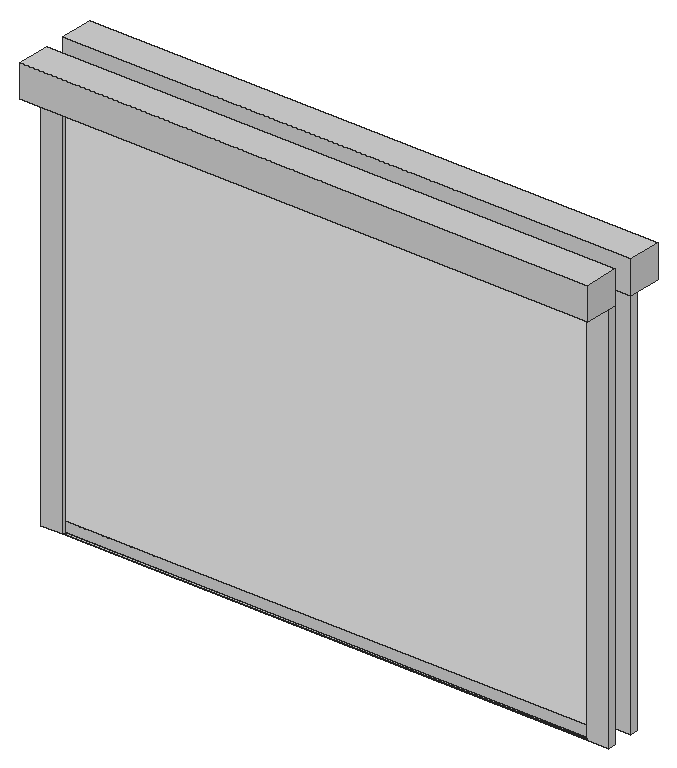
Revit family "DSI-FW119_Smoke-and-Fire-Curtain_Single-Roller-Headbox_Door-Systems", category Doors, host Wall, Revit 2021
Family settings
  Host = Wall
  OmniClass Number = 23.30.10.00
  OmniClass Title = Doors
  Always vertical = Yes
  Cut with Voids When Loaded = No
  Shared = No
  Room Calculation Point = No
Parameters (values of type "9" x 9" Head-box #1")
  Wall Thickness_Calc [instance] = if(Wall Thickness > 0' 5 3/4", Wall Thickness, 0' 5 3/4")  # 0' - 5 3/4"
  Wall Thickness [instance] = 0' - 5 3/4"
  URL = "https://www.doorsysinc.com/"
  Specification = "https://www.arcat.com/company/door-systems-50183/spec"
  Product Page URL = "https://www.arcat.com/arcatcos/cos50/arc50183.html"
  Model = "DSI-FW119"
  Manufacturer = "Door Systems"
  Keynote = "08 33 44"
  Head Box Width_Calc [instance] = if(Head Box Width > 0' 9", Head Box Width, 0' 9")  # 0' - 9"
  Head Box Width = 0' - 9"
  Head Box Height_Calc [instance] = if(Head Box Height > 0' 9", Head Box Height, 0' 9")  # 0' - 9"
  Head Box Height = 0' - 9"
  Function = Interior
  Frame Projection Ext. = 0' - 1"
  Frame Projection Int. = 0' - 1"
  Frame Width = 0' - 3"
  Height = 9' - 0"
  Wall Closure = By host
  Width = 7' - 0"
  Frame Finish = Metal - Steel - Primed
  Define Thermal Properties by = Schematic Type
  CurtainDrop_Viz = yes
  Curtain Finish = HS690-SS FABRIC- FW119
  Copyright = "Arcat, Inc."
  Clear Opening Width [instance] = 12' - 0"
  Clear Opening Height [instance] = 9' - 0"
  CAD Details = "https://www.arcat.com/company/door-systems-50183/cad"
  Analytic Construction = "<None>"
Types (2): name | Head Box Width_Calc | Head Box Width | Head Box Height_Calc | Head Box Height | Clear Opening Height
  9" x 9" Head-box #1 | 0' - 9" | 0' - 9" | 0' - 9" | 0' - 9" | 9' - 0"
  10" x 10" Head-box #2 | 0' - 10" | 0' - 10" | 0' - 10" | 0' - 10" | 8' - 0"
Reference planes (in)
  plane 1 "Center (Front/Back)": y = 0
  plane 2 "Center (Left/Right)": x = 0
  plane 3 "Left": x = -72
  plane 4 "Right": x = 72
  plane 5 "Top": z = 108
  plane 6 "Exterior": y = 4
  plane 7 "Interior": y = -4
  plane 8: y = 2.875
  plane 9: y = -2.875
  plane 10: y = 4.875
  plane 11: y = 3.875
  plane 12: y = -3.875
  plane 13: y = -4.875
Forms (in)
  Extrusion 1, solid, material "HS690-SS FABRIC- FW119" <- "Curtain Finish"
    sketch origin (0, 0, 0) x (1, 0, 0) y (0, 1, 0)
      loop
        line (-72, 3.95312) -> (-72, 3.79687) -> (72, 3.79687) -> (72, 3.95312) -> (-72, 3.95312)
    from 0 to 108
  Sweep 2, solid, material "Metal - Steel - Primed" <- "Frame Finish"
    path origin (0, 7.5, -36) x (1, 0, 0) y (0, 0, 1)
      loop
        line (-78, 144) -> (78, 144)
    profile origin (0, 7.5, 108) x (0, 0, 1) y (0, -1, 0)
      loop
        line (9, 4.625) -> (0, 4.625) -> (0, -4.375) -> (9, -4.375) -> (9, 4.625)
  Sweep 3, solid, material "Metal - Steel - Primed" <- "Frame Finish", visible <- "CurtainDrop_Viz"
    path origin (0, 0, 0) x (1, 0, 0) y (0, 1, 0)
      loop
        line (72, 3.875) -> (-72, 3.875)
    profile origin (0, 3.875, 0) x (0, -1, 0) y (0, 0, 1)
      loop
        line (-1, 0.125) -> (-1, 0) -> (-0.07812, 0) -> (-0.07812, 3) -> (-0.20312, 3) -> (-0.20312, 0.125) -> (-1, 0.125)
      loop
        line (1, 0) -> (1, 0.125) -> (0.20313, 0.125) -> (0.20313, 3) -> (0.07813, 3) -> (0.07813, 0) -> (1, 0)
  Sweep 4, solid, material "Metal - Steel - Primed" <- "Frame Finish"
    path origin (0, -7.5, -36) x (1, 0, 0) y (0, 0, -1)
      loop
        line (-78, -144) -> (78, -144)
    profile origin (0, -7.5, 108) x (0, 0, -1) y (0, 1, 0)
      loop
        line (-9, 4.625) -> (-9, -4.375) -> (0, -4.375) -> (0, 4.625) -> (-9, 4.625)
  Extrusion 5, solid, material "Metal - Steel - Primed" <- "Frame Finish"
    sketch origin (0, 0, 0) x (1, 0, 0) y (0, 1, 0)
      loop
        line (-72, 4.875) -> (-78, 4.875) -> (-78, 2.875) -> (-72, 2.875) -> (-72, 3.75) -> (-73.25, 3.75) -> (-73.25, 4) -> (-72, 4) -> (-72, 4.875)
      loop
        line (72, 2.875) -> (78, 2.875) -> (78, 4.875) -> (72, 4.875) -> (72, 4) -> (73.24883, 4) -> (73.24883, 3.75) -> (72, 3.75) -> (72, 2.875)
    from 0 to 108
  Extrusion 6, solid, material "Metal - Steel - Primed" <- "Frame Finish"
    sketch origin (0, 0, 0) x (1, 0, 0) y (0, 1, 0)
      loop
        line (-72, -2.875) -> (-78, -2.875) -> (-78, -4.875) -> (-72, -4.875) -> (-72, -4) -> (-73.25, -4) -> (-73.25, -3.75) -> (-72, -3.75) -> (-72, -2.875)
      loop
        line (78, -2.875) -> (72, -2.875) -> (72, -3.75) -> (73.24883, -3.75) -> (73.24883, -4) -> (72, -4) -> (72, -4.875) -> (78, -4.875) -> (78, -2.875)
    from 0 to 108
  Extrusion 7, solid, material "HS690-SS FABRIC- FW119" <- "Curtain Finish"
    sketch origin (0, 0, 0) x (1, 0, 0) y (0, 1, 0)
      loop
        line (-72, -3.95312) -> (72, -3.95312) -> (72, -3.79687) -> (-72, -3.79687) -> (-72, -3.95312)
    from 0 to 108
  Sweep 8, solid, material "Metal - Steel - Primed" <- "Frame Finish", visible <- "CurtainDrop_Viz"
    path origin (0, 0, 0) x (1, 0, 0) y (0, 1, 0)
      loop
        line (72, -3.875) -> (-72, -3.875)
    profile origin (0, -3.875, 0) x (0, -1, 0) y (0, 0, 1)
      loop
        line (1, 0.125) -> (0.20312, 0.125) -> (0.20312, 3) -> (0.07812, 3) -> (0.07812, 0) -> (1, 0) -> (1, 0.125)
      loop
        line (-1, 0) -> (-0.07813, 0) -> (-0.07813, 3) -> (-0.20313, 3) -> (-0.20313, 0.125) -> (-1, 0.125) -> (-1, 0)
Lines and regions (in)
  Opening 1
    outline origin (-90, -4, 0) x (1, 0, 0) y (0, 0, 1)
      loop
        line (18, 0) -> (162, 0) -> (162, 117) -> (18, 117) -> (18, 0)
Text (in)
  text "Exterior" at (-74.96733, 27.31104, 0), in view "Ref. Level"
  text "Interior" at (-74.96733, -25.14366, 0), in view "Ref. Level"
  text "Exterior" at (0, 40.15149, 123.01588), in view "Right"
  text "Interior" at (0, -64.39139, 123.01588), in view "Right"
  text "Interior" at (0, -31.01599, 123.00693), in view "Left"
  text "Exterior" at (0, 54.57065, 123.00693), in view "Left"
Dimensions and locks (in)
  equal spacing: plane 3 "Left", plane 2 "Center (Left/Right)", plane 4 "Right"
  "Clear Opening Height": level to plane 5 "Top"
  plane 3 "Left" to plane 4 "Right" = 12' - 0"
  host wall to plane 5 "Top" = 9' - 0"
  locked: Extrusion 1 sketch curve to Extrusion 1 sketch curve at 0.15625
  Extrusion 1 sketch curve to Extrusion 1 sketch curve = 0' - 0 5/32"
  locked: Sweep 3 sketch curve to Sweep 3 sketch curve at 0.125
  "Wall Thickness_Calc": plane 8 to plane 9
  equal spacing: plane 8, plane 1 "Center (Front/Back)", plane 9
  locked: plane 8 to plane 10 at 2
  "Clear Opening Width": plane 3 "Left" to plane 4 "Right"
  Extrusion 5 sketch curve to Extrusion 5 sketch curve to plane 3 "Left" to Extrusion 5 sketch curve = 0' - 4 3/4" locked, 0' - 1 1/4" locked, 0' - 0" locked
  Extrusion 5 sketch curve to plane 4 "Right" to Extrusion 5 sketch curve to Extrusion 5 sketch curve = 0' - 0" locked, 0' - 1.24883" locked, 0' - 4.75117" locked
  locked: Extrusion 5 sketch curve to plane 10 at 0.875  (x2)
  locked: plane 8 to Extrusion 5 sketch curve at 0.875
  locked: Extrusion 5 sketch curve to plane 8 at 0.875
  equal spacing: plane 10, plane 11, plane 8
  locked: plane 9 to plane 13 at 2
  equal spacing: plane 9, plane 12, plane 13
  Extrusion 6 sketch curve to Extrusion 6 sketch curve to plane 3 "Left" to Extrusion 6 sketch curve = 0' - 4 3/4" locked, 0' - 1 1/4" locked, 0' - 0" locked
  locked: plane 9 to Extrusion 6 sketch curve at 0.875  (x2)
  locked: Extrusion 6 sketch curve to plane 13 at 0.875  (x2)
  Extrusion 6 sketch curve to plane 4 "Right" to Extrusion 6 sketch curve to Extrusion 6 sketch curve = 0' - 0" locked, 0' - 1.24883" locked, 0' - 4.75117" locked
  locked: Extrusion 7 sketch curve to Extrusion 7 sketch curve at 0.15625
  Extrusion 7 sketch curve to Extrusion 7 sketch curve = 0' - 0 5/32"
  locked: Sweep 8 sketch curve to Sweep 8 sketch curve at 0.125
  "Head Box Width_Calc": plane 9 to Sweep 4 sketch curve
  "Head Box Height_Calc": plane 5 "Top" to Sweep 4 sketch curve
  "Head Box Width_Calc": Sweep 2 sketch curve to plane 8
  "Head Box Height_Calc": Sweep 2 sketch curve to plane 5 "Top"
  aligned and locked: Opening 1 sketch curve to level
  aligned and locked: plane 6 "Exterior" to host wall
  aligned and locked: host wall to plane 7 "Interior"
  aligned and locked: Sweep 3 sketch curve to Sweep 3 sketch curve
  aligned and locked: Sweep 2 to plane 5 "Top"
  aligned and locked: Sweep 2 sketch curve to plane 5 "Top"  (x2)
  aligned and locked: Extrusion 5 sketch curve to Extrusion 5 sketch curve  (x2)
  aligned and locked: Extrusion 5 sketch curve to plane 10  (x2)
  aligned and locked: plane 8 to Extrusion 5 sketch curve  (x2)
  aligned and locked: Extrusion 5 to plane 5 "Top"
  aligned and locked: plane 11 to Sweep 3 sketch curve
  aligned and locked: plane 3 "Left" to Sweep 3 sketch curve
  aligned and locked: plane 4 "Right" to Sweep 3 sketch curve
  aligned and locked: Extrusion 1 sketch curve to Sweep 3
  aligned and locked: Extrusion 1 to plane 5 "Top"
  aligned and locked: plane 9 to Extrusion 6 sketch curve  (x2)
  aligned and locked: Extrusion 6 sketch curve to plane 13  (x2)
  aligned and locked: Extrusion 6 sketch curve to Extrusion 6 sketch curve
  aligned and locked: Extrusion 6 to plane 5 "Top"
  aligned and locked: Sweep 4 sketch curve to plane 5 "Top"
  aligned and locked: plane 5 "Top" to Sweep 4 sketch curve
  aligned and locked: Sweep 4 sketch curve to Extrusion 6
  aligned and locked: Extrusion 6 to Sweep 4 sketch curve
  aligned and locked: Sweep 2 sketch curve to Extrusion 6
  aligned and locked: Extrusion 6 to Sweep 2 sketch curve
  aligned and locked: Sweep 8 sketch curve to Sweep 8 sketch curve
  aligned and locked: Extrusion 7 sketch curve to Sweep 8
  aligned and locked: plane 9 to Sweep 4 sketch curve
  aligned and locked: Sweep 2 sketch curve to plane 8
  aligned and locked: Sweep 2 to Opening 1 sketch curve
  aligned and locked: plane 4 "Right" to Opening 1 sketch curve
  aligned and locked: plane 3 "Left" to Opening 1 sketch curve
  aligned and locked: Extrusion 7 to plane 5 "Top"
Automatic sketch dimensions
  Extrusion 1 sketch curve to plane 3 "Left" = 0' - 0"
  Extrusion 1 sketch curve to plane 4 "Right" = 0' - 0"
  Sweep 3 sketch curve to profile plane = 0' - 0"  (x2)
  profile plane to Sweep 3 sketch curve = 0' - 0 1/8"
  profile plane to Sweep 3 sketch curve = 0' - 1"
  profile plane to Sweep 3 sketch curve = 0' - 0 13/64"
  Sweep 3 sketch curve to profile plane = 0' - 0 5/64"
  Sweep 3 sketch curve to Sweep 3 sketch curve = 0' - 0 1/8"
  Sweep 3 sketch curve to Sweep 3 sketch curve = 0' - 0 51/64"
  Sweep 3 sketch curve to Sweep 3 sketch curve = 0' - 2 7/8"
  Sweep 3 sketch curve to Sweep 3 sketch curve = 0' - 0"
  Extrusion 6 sketch curve to plane 3 "Left" = 0' - 0"
  Extrusion 7 sketch curve to plane 3 "Left" = 0' - 0"
  Extrusion 7 sketch curve to plane 4 "Right" = 0' - 0"
  Sweep 8 sketch curve to plane 3 "Left" = 0' - 0"
  Sweep 8 sketch curve to plane 4 "Right" = 0' - 0"
  plane 12 to Sweep 8 sketch curve = 0' - 0"
  Sweep 8 sketch curve to profile plane = 0' - 0"  (x2)
  profile plane to Sweep 8 sketch curve = 0' - 1"
  profile plane to Sweep 8 sketch curve = 0' - 0 13/64"
  profile plane to Sweep 8 sketch curve = 0' - 0 5/64"
  Sweep 8 sketch curve to profile plane = 0' - 0 5/64"
  profile plane to Sweep 8 sketch curve = 0' - 0 1/8"
  Sweep 8 sketch curve to Sweep 8 sketch curve = 0' - 0 51/64"
  Sweep 8 sketch curve to Sweep 8 sketch curve = 0' - 2 7/8"
  Sweep 8 sketch curve to Sweep 8 sketch curve = 0' - 0"
